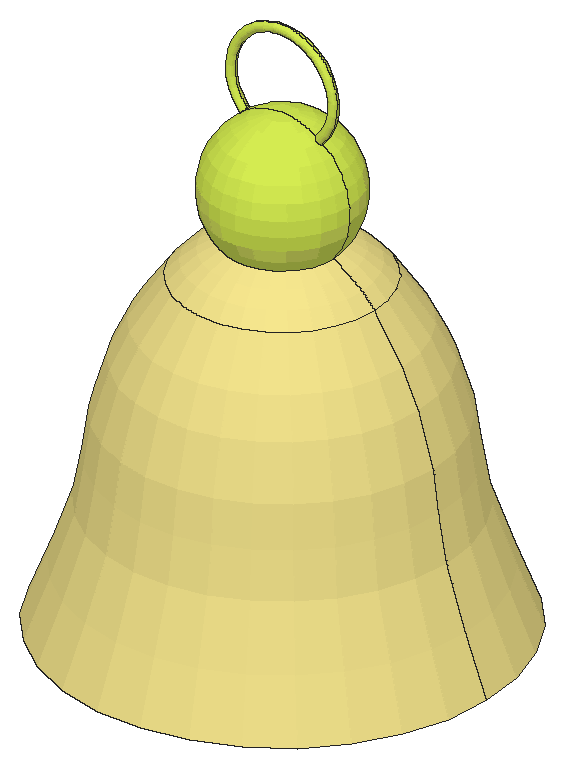
Revit family "GBL6 SHADE", category Lighting Fixtures, Revit 2024
Family settings
  Round Connector Dimension = Use Diameter
  Part Type = Normal
  OmniClass Number = 23.80.70.00
  OmniClass Title = Lighting
  Work Plane-Based = No
  Always vertical = Yes
  Cut with Voids When Loaded = No
  Light Source = Yes
  Maintain Annotation Orientation = No
  Shared = No
  Room Calculation Point = No
Parameters
  Wattage = 12.1178 W
  built-in parameter 1150110 = 1 (stored number, unit not read)
  built-in parameter 1114217 = 1 (stored number, unit not read)
  built-in parameter 1150109 = 1 (stored number, unit not read)
  built-in parameter 1150134 = (empty or 0)
  built-in parameter 1150113 = 1 (stored number, unit not read)
  Lumens = 1800 lm
  built-in parameter 1150115 = 1 (stored number, unit not read)
  built-in parameter 1150105 = 572.96 (stored number, unit not read)
  Light Source Symbol Size = 2' - 0"
  built-in parameter 1150137 = (empty or 0)
  built-in parameter 1150139 = (empty or 0)
  built-in parameter 1150112 = 1 (stored number, unit not read)
  built-in parameter 1150114 = 1 (stored number, unit not read)
  built-in parameter 1150132 = 2
  built-in parameter 1150102 = (empty or 0)
  built-in parameter 1150138 = (empty or 0)
  built-in parameter 1150107 = 3000 (stored number, unit not read)
  built-in parameter 1150106 = 5.7296 (stored number, unit not read)
  built-in parameter 1150104 = 13.8 (stored number, unit not read)
  Dimming Lamp Color Temperature Shift = (empty or 0)
  Default Elevation = 0' - 0"
  Color Filter = 16777215
  built-in parameter 1114218 = 1 (stored number, unit not read)
  built-in parameter 1150133 = 10 (stored number, unit not read)
Reference planes (in)
  plane 1 "Light Source Axis (F/B)": y = 0
  plane 2: z = 0
  plane 3 "Light Source Axis (L/R)": x = 0
  plane 4 "Light Source Elevation": z = 84
Forms (in)
  Revolve 1, solid
    sketch origin (0, 0, 0) x (1, 0, 0) y (0, 0, 1)
      loop
        arc (0, 90.66013) -> (-0.91108, 90.07236) -> (-0.75115, 89) r 1
        arc (-0.75115, 89) -> (-1.07741, 88.79843) -> (-1.35192, 88.53063) r 1.75
        spline (-1.35192, 88.53063) -> (-1.75986, 87.94453) -> (-1.99646, 87.4651) -> (-2.13091, 87.10315) -> (-2.20646, 86.80303) -> (-2.25652, 86.49986) -> (-2.29714, 86.19408) -> (-2.33931, 85.90337) -> (-2.40299, 85.60421) -> (-2.50729, 85.26515) -> (-2.65642, 84.86671) -> (-2.84253, 84.40784) -> (-3, 84)
        line (-3, 84) -> (-2.90113, 84)
        spline (-2.90113, 84) -> (-2.7464, 84.40036) -> (-2.56121, 84.8568) -> (-2.41163, 85.25627) -> (-2.30581, 85.60014) -> (-2.24083, 85.90511) -> (-2.19836, 86.19744) -> (-2.15816, 86.49986) -> (-2.10917, 86.79629) -> (-2.03653, 87.0847) -> (-1.90601, 87.43579) -> (-1.67606, 87.9017) -> (-1.2795, 88.4711)
        arc (-1.2795, 88.4711) -> (-1.02442, 88.72084) -> (-0.72174, 88.91013) r 1.65625
        line (-0.72174, 88.91013) -> (0, 88.91013) -> (0, 90.66013)
      axis (0, 90.66013) -> (0, 84)
    angle from 0 to 360
  Sweep 2, solid
    path origin (0, 0, 0) x (1, 0, 0) y (0, 0, 1)
      loop
        arc (-0.55298, 90.49333) -> (0, 91.75) -> (0.55298, 90.49333) r 0.75
    profile origin (0, 0, 91.75) x (0, 0, 1) y (0, -1, 0)
      loop
        circle (0, 0) r 0.0625
Dimensions and locks (in)
  aligned and locked: plane 3 "Light Source Axis (L/R)" to imposter light
  aligned and locked: plane 1 "Light Source Axis (F/B)" to imposter light
  aligned and locked: plane 4 "Light Source Elevation" to imposter light
  aligned and locked: level to plane 2
